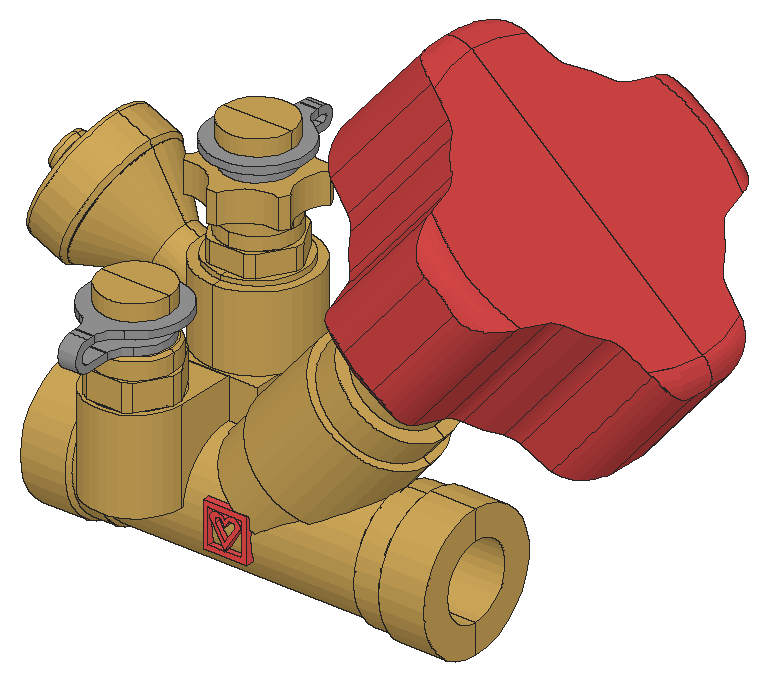
Revit family "HERZ Strömax Commissioning Valve With Integral Fixed orifice Plate 4017 ML", category Rohrzubehör, Revit 2020
Family settings
  Bemaßung runder Anschluss = Durchmesser verwenden
  Teiletyp = Unterbricht
  OmniClass-Nummer = 23.65.55.14
  OmniClass-Titel = Valves for Liquid Services
  Arbeitsebenenbasiert = Nein
  Immer vertikal = Ja
  Beim Laden mit Abzugskörper schneiden = Nein
  Gemeinsam genutzt = Nein
Parameters
  kvs-value [instance] = if(Nennweite = 15.000 mm, 2, if(Nennweite = 20.000 mm, 3.6, if(Nennweite = 25.000 mm, 6.5, if(Nennweite = 32.000 mm, 13.3, if(Nennweite = 40.000 mm, 18.5, if(Nennweite = 50.000 mm, 33, 0))))))  # 2
  kv-value of orifice [instance] = if(Nennweite = 15.000 mm, 1.95, if(Nennweite = 20.000 mm, 3.95, if(Nennweite = 25.000 mm, 7.9, if(Nennweite = 32.000 mm, 15.75, if(Nennweite = 40.000 mm, 21.5, if(Nennweite = 50.000 mm, 46.7, 0))))))  # 1.95
  W01 = 50.00°  # constant formula
  Vorgabe-Ansicht = 0.000 mm
  URL = "www.herzvalves.com"
  SW01 = 60.00°  # constant formula
  SCRNSEQ = "ARM;ARM_TYP=\"STRV\";2"
  SCRNCODE = "05;07;02"  # constant formula
  S03 = 60.000 mm  # constant formula
  S02 [instance] = L04 + L06 + L07  # 76.800 mm
  S01 [instance] = D01 * 2  # 27.000 mm
  R03 = 21.500 mm  # constant formula
  R02 = 9.500 mm  # constant formula
  R01 = 12.000 mm  # constant formula
  Part number [instance] = size_lookup("4017_ML_", "Artnr", 0, Nennweite)  # 1401731
  Model = "STRÖMAX 4017 ML, commissioning valve in Y pattern with an orifice plate and an connection for impulse line for differential pressure measurement, with test points:\r\nDZR brass, female threaded ends, non-rising stem sealed with Triple-O-Ring, presetting through stroke limiting, handwhell with presetting digital display."
  Medium = "Water purity in accordance with the OeNORM H5195 and VDI 2035 standards.\r\nEthylene and propylene glycol can be mixed to a ratio of 25 - 50 vol. %."
  Max. operating temperature = 130 °C  # constant formula
  Max. operating pressure = 2000000.0 Pa  # constant formula
  Max. differential pressure at closed valve = 1000000.0 Pa  # constant formula
  L10 [instance] = size_lookup("4017_ML_", "L10", 1.000 mm, Nennweite)  # 28.500 mm
  L09 [instance] = size_lookup("4017_ML_", "L9", 1.000 mm, Nennweite)  # 22.500 mm
  L08 [instance] = size_lookup("4017_ML_", "L8", 1.000 mm, Nennweite)  # 12.700 mm
  L07 [instance] = size_lookup("4017_ML_", "L7", 1.000 mm, Nennweite)  # 35.100 mm
  L06 [instance] = size_lookup("4017_ML_", "L6", 1.000 mm, Nennweite)  # 6.500 mm
  L05 [instance] = size_lookup("4017_ML_", "L5", 1.000 mm, Nennweite)  # 20.200 mm
  L04 [instance] = size_lookup("4017_ML_", "L4", 1.000 mm, Nennweite)  # 35.200 mm
  L03 [instance] = size_lookup("4017_ML_", "L3", 1.000 mm, Nennweite)  # 1.000 mm
  H03 [instance] = H01 - 19.000 mm  # 1.000 mm
  H02 = 13.000 mm  # constant formula
  Field of application = "Can be used as isolating and commissioning valve."
  E01 [instance] = L00 / -2  # -41.500 mm
  E00 = 0.000 mm  # constant formula
  D09 [instance] = size_lookup("4017_ML_", "D9", 1.000 mm, Nennweite)  # 11.750 mm
  D08 [instance] = size_lookup("4017_ML_", "D8", 1.000 mm, Nennweite)  # 9.500 mm
  D07 [instance] = size_lookup("4017_ML_", "D7", 1.000 mm, Nennweite)  # 12.000 mm
  D06 [instance] = size_lookup("4017_ML_", "D6", 1.000 mm, Nennweite)  # 13.500 mm
  D05 [instance] = size_lookup("4017_ML_", "D5", 1.000 mm, Nennweite)  # 12.500 mm
  D04 [instance] = Nennweite / 2  # 7.500 mm
  IG [instance] = Nennweite / 2  # 7.500 mm
  D03 [instance] = size_lookup("4017_ML_", "D3", 1.000 mm, Nennweite)  # 11.900 mm
  D02 [instance] = size_lookup("4017_ML_", "D2", 1.000 mm, Nennweite)  # 12.700 mm
  D01 [instance] = size_lookup("4017_ML_", "D1", 1.000 mm, Nennweite)  # 13.500 mm
  Nennweite [instance] = 15.000 mm
  L02 [instance] = size_lookup("4017_ML_", "L2", 1.000 mm, Nennweite)  # 5.000 mm
  L01 [instance] = size_lookup("4017_ML_", "L1", 1.000 mm, Nennweite)  # 9.250 mm
  L00 [instance] = size_lookup("4017_ML_", "L", 1.000 mm, Nennweite)  # 83.000 mm
  Hersteller = "HERZ Armaturen Ges.m.b.H."  # constant formula
  H01 [instance] = size_lookup("4017_ML_", "H1", 1.000 mm, Nennweite)  # 20.000 mm
  GT [instance] = size_lookup("4017_ML_", "GT", 1.000 mm, Nennweite)  # 13.200 mm
  DN50 [instance] = Nennweite = 50.000 mm  # no
  DN40 [instance] = Nennweite = 40.000 mm  # no
  DN32 [instance] = Nennweite = 32.000 mm  # no
  DN25 [instance] = Nennweite = 25.000 mm  # no
  DN20 [instance] = Nennweite = 20.000 mm  # no
  DN15 [instance] = Nennweite = 15.000 mm  # yes
  Body = "DZR brass"  # constant formula
Reference planes
  plane 1 "Mitte (Vorne/hinten)": y = 0
  plane 2: z = 0
  plane 3 "Mitte (Links/rechts)": x = 0
Forms (mm)
  Revolve 1, solid, material "Messing, weicher Gelbton, geschweißt", detail levels fine
    sketch origin (470, 0, 0) x (1, 0, 0) y (0, 0, 1)
      loop
        line (-511.5, 7.5) -> (-498.3, 7.5) -> (-498.3, 0) -> (-441.7, 0) -> (-441.7, 7.5) -> (-428.5, 7.5) -> (-428.5, 13.5) -> (-437.75, 13.5) -> (-438.421, 12.7) -> (-443.421, 12.7) -> (-444.093, 11.9) -> (-495.907, 11.9) -> (-496.579, 12.7) -> (-501.579, 12.7) -> (-502.25, 13.5) -> (-511.5, 13.5) -> (-511.5, 7.5)
      axis (-511.5, 0) -> (-428.5, 0)
    angle from 0 to 360
  Revolve 2, solid, material "Messing, weicher Gelbton, geschweißt", detail levels fine
    sketch origin (0.32, 0, -0.105) x (1, 0, 0) y (0, 0, 1)
      loop
        line (-1.32, 0.105) -> (48.046, 58.937) -> (39.045, 66.49) -> (30.882, 56.761) -> (32.605, 55.315) -> (18.207, 38.155) -> (16.292, 39.762) -> (12.114, 34.783) -> (10.964, 35.747) -> (-2.02, 20.273) -> (-1.254, 19.63) -> (-7.652, 12.005) -> (-7.065, 4.926) -> (-1.32, 0.105)
      axis (-1.32, 0.105) -> (48.046, 58.937)
    angle from 0 to 360
  Extrusion 3, solid, material "Messing, weicher Gelbton, geschweißt", detail levels fine
    sketch origin (0, 0, 0) x (1, 0, 0) y (0, 1, 0)
      loop
        arc (-28.5, -12) -> (-19, -21.5) -> (-9.5, -12) r 9.5
        line (-9.5, -12) -> (-9.5, 0) -> (-28.5, 0) -> (-28.5, -12)
    from 1 <- "H03" to 20 <- "H01"
  Extrusion 4, solid, material "Messing, weicher Gelbton, geschweißt", detail levels fine
    sketch origin (0, 0, 0) x (1, 0, 0) y (0, 1, 0)
      loop
        line (-22.5, 12) -> (-22.5, 0) -> (-3.5, 0) -> (-3.5, 12)
        arc (-3.5, 12) -> (-13, 21.5) -> (-22.5, 12) r 9.5
    from 0 to 20 <- "H01"
  Extrusion 5, void
    sketch origin (0, 0, 0) x (1, 0, 0) y (0, 0, 1)
      loop
        line (55, 0) -> (80, 0) -> (80, 73) -> (55, 73) -> (55, 0)
    from 55 to -55
Cuts and joins
  Extrusion 5 cuts Revolve 2
Lines and regions (mm)
  model lines, detail levels coarse+medium
    curve 1: line (-41.5, 0, 13.5) -> (-41.5, 0, -13.5)
    curve 2: line (-41.5, 0, -13.5) -> (41.5, 0, 13.5)
    curve 3: line (41.5, 0, 13.5) -> (41.5, 0, -13.5)
    curve 4: line (41.5, 0, -13.5) -> (-41.5, 0, 13.5)
    curve 5: line (0, 0, 0) -> (38.4, 0, 66.511)
    curve 6: line (12.419, 0, 81.511) -> (64.381, 0, 51.511)
    curve 7: line (-41.5, -13.5, 0) -> (-41.5, 13.5, 0)
    curve 8: line (-41.5, 13.5, 0) -> (41.5, -13.5, 0)
    curve 9: line (41.5, -13.5, 0) -> (41.5, 13.5, 0)
    curve 10: line (41.5, 13.5, 0) -> (-41.5, -13.5, 0)
    curve 11: line (0, 0, 0) -> (38.4, 66.511, 0)
    curve 12: line (12.419, 81.511, 0) -> (64.381, 51.511, 0)
Dimensions and locks
  "L00": Revolve 1 sketch curve to Revolve 1 sketch curve
  equal spacing: Revolve 1 sketch curve, plane 3 "Mitte (Links/rechts)", Revolve 1 sketch curve
  "D01": Revolve 1 sketch curve to Revolve 1 sketch curve  (x2)
  "GT": Revolve 1 sketch curve to Revolve 1 sketch curve  (x2)
  "D06": Revolve 2 sketch curve to Revolve 2 sketch curve
  "D07": Revolve 2 sketch curve to Revolve 2 sketch curve
  "D08": Revolve 2 sketch curve to Revolve 2 sketch curve
  "D09": Revolve 2 sketch curve to Revolve 2 sketch curve
  equal spacing: curve 1, plane 3 "Mitte (Links/rechts)", curve 3
  "L00": curve 1 to curve 3
  equal spacing: curve 4, plane 2, curve 2
  "S01": curve 4 to curve 1
  "S01": curve 3 to curve 4
  equal spacing: curve 3, plane 2, curve 4
  "S02": curve 5 to curve 5
  equal spacing: curve 6, curve 5, curve 6
  "S03": curve 6 to curve 6
  equal spacing: curve 7, plane 3 "Mitte (Links/rechts)", curve 9
  "L00": curve 7 to curve 9
  equal spacing: curve 10, plane 1 "Mitte (Vorne/hinten)", curve 8
  "S01": curve 8 to curve 10
  equal spacing: curve 9, plane 1 "Mitte (Vorne/hinten)", curve 10
  "S01": curve 10 to curve 9
  "S02": curve 11 to curve 11
  equal spacing: curve 12, curve 11, curve 12
  "S03": curve 12 to curve 12
  "L01": Revolve 1 sketch curve to Revolve 1 sketch curve  (x2)
  "D02": Revolve 1 sketch curve to plane 2  (x2)
  "D03": Revolve 1 sketch curve to plane 2
  "IG": Revolve 1 sketch curve to plane 2  (x2)
  "L02": Revolve 1 sketch curve to Revolve 1 sketch curve  (x2)
  "L04": Revolve 2 sketch curve to Revolve 2 sketch curve
  "L05": Revolve 2 sketch curve to Revolve 2 sketch curve
  "D03": Revolve 2 sketch curve to plane 2
  "L06": Revolve 2 sketch curve to Revolve 2 sketch curve
  "L08": Revolve 2 sketch curve to Revolve 2 sketch curve
  "L07": Revolve 2 sketch curve to Revolve 2 sketch curve
  "D04": Revolve 2 sketch curve to Revolve 2 sketch curve
  "D05": Revolve 2 sketch curve to Revolve 2 sketch curve
  "L03": plane 3 "Mitte (Links/rechts)" to Revolve 2 sketch curve  (x2)
  "D03": nested 1 to plane 1 "Mitte (Vorne/hinten)"
  "L09": Revolve 1 to Extrusion 3 sketch curve
  "R01": Extrusion 3 sketch curve to plane 1 "Mitte (Vorne/hinten)"
  "R01": plane 1 "Mitte (Vorne/hinten)" to Extrusion 4 sketch curve
  "L10": Revolve 1 to Extrusion 4 sketch curve
  "H01": nested 2 to plane 2
  "R01": nested 2 to plane 1 "Mitte (Vorne/hinten)"
  "L09": Revolve 1 to nested 2
  Extrusion 5 sketch curve to plane 3 "Mitte (Links/rechts)" = 55.000 mm
  Extrusion 5 sketch curve to Extrusion 5 sketch curve = 25.000 mm
  Extrusion 5 sketch curve to plane 2 = 73.000 mm
  "L10": Revolve 1 to nested 9
  "R01": plane 1 "Mitte (Vorne/hinten)" to nested 9
  "H01": nested 9 to plane 2
  "R02": radius of Extrusion 3 sketch curve
  "R02": radius of Extrusion 4 sketch curve
  "W01": angle level to Revolve 2 sketch curve
  "SW01": angle plane 2 to curve 5
  "SW01": angle plane 1 "Mitte (Vorne/hinten)" to curve 11
  "W01": angle Revolve 1 sketch curve to Revolve 1 sketch curve  (x4)
  "W01": angle plane 2 to Revolve 2 sketch curve
  aligned and locked: level to plane 2
Automatic sketch dimensions
  Extrusion 5 sketch curve to level = 0.000 mm
  curve 5 to level = 0.000 mm
  plane 1 "Mitte (Vorne/hinten)" to curve 11 = 0.000 mm
  Revolve 1 sketch curve to level = 0.000 mm  (x2)
  Revolve 1 sketch curve to Revolve 1 sketch curve = 791.990 mm
  Revolve 1 sketch curve to Revolve 1 sketch curve = 2278.983 mm
  Revolve 2 sketch curve to level = 0.000 mm  (x2)
  plane 1 "Mitte (Vorne/hinten)" to Extrusion 3 sketch curve = 0.000 mm
  plane 1 "Mitte (Vorne/hinten)" to Extrusion 4 sketch curve = 0.000 mm
Nested families
  nested 1: "Herz-Logo-vorne" at (0, -11.9, 0) x (0, 1, 0) z (0, 0, 1), type "Herz-Logo-vorne", detail levels fine
  nested 2: "Messstutzen_Band_Eintritt_senkrecht_(oben)" at (-19, -12, 2.5) x (-1, 0, 0) z (0, 0, 1), type "Messstutzen_Band_Eintritt_senkrecht_(oben)", detail levels fine
    with Schutzkappe yes, Nennweite 0.000 mm, Gewicht 0.00 kg, Bestellnummer 0
  nested 3: "Strangregulierventil-Handrad (Rot) DN15-DN32" at (48.366, 0, 58.832), visible <- "DN15", type "Strangregulierventil-Handrad (Rot) DN15-DN32"
    with Nennweite 0.000 mm, Gewicht 0.00 kg, Bestellnummer 0
  nested 4: "Strangregulierventil-Handrad (Rot) DN15-DN32" at (50.13, 0, 62.126), visible <- "DN20", type "Strangregulierventil-Handrad (Rot) DN15-DN32"
    with Nennweite 0.000 mm, Gewicht 0.00 kg, Bestellnummer 0
  nested 5: "Strangregulierventil-Handrad (Rot) DN15-DN32" at (55.886, 0, 73.157), visible <- "DN25", type "Strangregulierventil-Handrad (Rot) DN15-DN32"
    with Nennweite 0.000 mm, Gewicht 0.00 kg, Bestellnummer 0
  nested 6: "Strangregulierventil-Handrad (Rot) DN15-DN32" at (60.493, 0, 82.58), visible <- "DN32", type "Strangregulierventil-Handrad (Rot) DN15-DN32"
    with Nennweite 0.000 mm, Gewicht 0.00 kg, Bestellnummer 0
  nested 7: "Strangregulierventil-Handrad (Rot) DN40-DN50" at (68.72, 0, 95.602), visible <- "DN40", type "Strangregulierventil-Handrad (Rot) DN40-DN50"
    with Nennweite 0.000 mm, Gewicht 0.00 kg, Bestellnummer 0
  nested 8: "Strangregulierventil-Handrad (Rot) DN40-DN50" at (66.762, 0, 99.586), visible <- "DN50", type "Strangregulierventil-Handrad (Rot) DN40-DN50"
    with Nennweite 0.000 mm, Gewicht 0.00 kg, Bestellnummer 0
  nested 9: "Messstutzen_Band-KFE_Austritt_senkrecht_(oben)" at (-13, 12, 24.41), type "Messstutzen_Band-KFE_Austritt_senkrecht_(oben)", detail levels fine
    with Schutzkappe yes, Nennweite 0.000 mm, Gewicht 0.00 kg, Bestellnummer 0
Connectors
  piping at (-28.3, 0, 0), diameter 15, driven by "Nennweite"
    settings: on Revolve 1, index 1, connector inside diameter 609.6 mm, connector length 0.000 mm, flow factor 0, pipe flow 0.0 L/s, pressure drop 0.0 Pa, fitting loss kfactor 0, connector angle 0.00°, fixture units 0, engagement length 0.000 mm, angle of deflection 0.00°, flow configuration 0, flow direction 1, fitting loss method 0, system type 29, joint type 0, gender type 0, connector reference index -1, connector utility 0, adjustable connector no, is connector primary yes, connector description ""
  piping at (28.3, 0, 0), diameter 15, driven by "Nennweite"
    settings: on Revolve 1, index 2, connector inside diameter 609.6 mm, connector length 0.000 mm, flow factor 0, pipe flow 0.0 L/s, pressure drop 0.0 Pa, fitting loss kfactor 0, connector angle 0.00°, fixture units 0, engagement length 0.000 mm, angle of deflection 0.00°, flow configuration 0, flow direction 2, fitting loss method 0, system type 29, joint type 0, gender type 0, connector reference index -1, connector utility 0, adjustable connector no, is connector primary no, connector description ""
Definition of nested family "Herz-Logo-vorne"
  Parameters (values of type "Herz-Logo-vorne")
    Default Elevation = 0.000 mm
  Reference planes
    plane 1 "Mitte (Vorne/hinten)": y = 0
    plane 2: z = 0
    plane 3 "Mitte (Links/rechts)": x = 0
  Forms (mm)
    Extrusion 1, solid
      sketch origin (0.732, -0.018, 0.017) x (0, -1, 0) y (0, 0, 1)
        loop
          line (-0.018, -4.517) -> (4.482, -4.517) -> (4.482, 4.483) -> (-4.518, 4.483) -> (-4.518, -4.517) -> (-0.018, -4.517)
        loop
          line (-0.05, -3.48) -> (3.482, -3.48) -> (3.482, 3.483) -> (-3.518, 3.483) -> (-3.518, -3.48) -> (-0.05, -3.48)
        loop
          arc (-0.018, 2.383) -> (-1.543, 3.287) -> (-3.067, 2.383) r 1.738
          arc (-3.067, 2.383) -> (-3.191, 1.899) -> (-3.067, 1.415) r 1.009
          line (-3.067, 1.415) -> (-0.018, -3.281) -> (3.032, 1.415)
          arc (3.032, 1.415) -> (3.156, 1.899) -> (3.032, 2.383) r 1.009
          arc (3.032, 2.383) -> (1.507, 3.287) -> (-0.018, 2.383) r 1.738
        loop
          arc (1.885, 1.272) -> (2.005, 1.675) -> (1.885, 2.079) r 0.74
          arc (1.885, 2.079) -> (1.265, 2.416) -> (0.644, 2.079) r 0.74
          line (0.644, 2.079) -> (-0.018, 0.97) -> (-0.679, 2.079)
          arc (-0.679, 2.079) -> (-1.3, 2.416) -> (-1.921, 2.079) r 0.74
          arc (-1.921, 2.079) -> (-2.04, 1.675) -> (-1.921, 1.272) r 0.74
          line (-1.921, 1.272) -> (-0.018, -1.658) -> (1.885, 1.272)
      from 0 to 1.5
  Dimensions and locks
    aligned and locked: level to plane 2
Definition of nested family "Messstutzen_Band_Eintritt_senkrecht_(oben)"
  Parameters (values of type "Messstutzen_Band_Eintritt_senkrecht_(oben)")
    Default Elevation = 0.000 mm
    URL = "www.herz-armaturen.at"
    Schutzkappe [instance] = yes
    Nennweite [instance] = 0.000 mm
    Manufacturer = "Herz Armaturen GmbH"  # constant formula
    Gewicht [instance] = 0.00 kg
    Bestellnummer [instance] = 0
  Reference planes
    plane 1 "Mitte (Vorne/hinten)": y = 0
    plane 2: z = 0
    plane 3 "Mitte (Links/rechts)": x = 0
    plane 4 "Schlaufe 1": z = -27
    plane 5 "Schlaufe 2": z = -31.678
  Forms (mm)
    Revolve 1, solid, detail levels fine
      sketch origin (0, 0, 0) x (1, 0, 0) y (0, 0, 1)
        loop
          line (-7.4, 9) -> (-5.55, 9) -> (-5.55, 6)
          arc (-5.55, 6) -> (-5.626, 5.617) -> (-5.843, 5.293) r 1
          line (-5.843, 5.293) -> (-6.455, 4.681) -> (-6.455, 0.9) -> (-5.555, 0) -> (-2, 0) -> (-2, 17.5) -> (-8.4, 17.5)
          arc (-8.4, 17.5) -> (-7.693, 17.207) -> (-7.4, 16.5) r 1
          line (-7.4, 16.5) -> (-7.4, 9)
        loop
          line (-3.7, 27) -> (-7.3, 27) -> (-7.9, 26.4) -> (-7.9, 23) -> (-2, 23) -> (-2, 35.8) -> (-3.805, 35.8) -> (-4.415, 35.19) -> (-4.415, 30.863) -> (-3.7, 30.45) -> (-3.7, 27)
        axis (0, 0) -> (0, 35.8)
      angle from 0 to 360
    Extrusion 2, solid, detail levels fine
      sketch origin (0, 0, 17.5) x (0, 1, 0) y (-1, 0, 0)
        loop
          arc (-7.07, 5.156) -> (-7.578, 4.375) -> (-8, 3.544) r 8.75
          line (-8, 3.544) -> (-8, -3.544)
          arc (-8, -3.544) -> (-7.578, -4.375) -> (-7.07, -5.156) r 8.75
          line (-7.07, -5.156) -> (-0.93, -8.7)
          arc (-0.93, -8.7) -> (0, -8.75) -> (0.93, -8.7) r 8.75
          line (0.93, -8.7) -> (7.07, -5.156)
          arc (7.07, -5.156) -> (7.578, -4.375) -> (8, -3.544) r 8.75
          line (8, -3.544) -> (8, 3.544)
          arc (8, 3.544) -> (7.578, 4.375) -> (7.07, 5.156) r 8.75
          line (7.07, 5.156) -> (0.93, 8.7)
          arc (0.93, 8.7) -> (0, 8.75) -> (-0.93, 8.7) r 8.75
          line (-0.93, 8.7) -> (-7.07, 5.156)
      from 0 to 5.5
    Revolve 3, solid, visible <- "Schutzkappe", detail levels fine
      sketch origin (0, 0, 0) x (1, 0, 0) y (0, 0, 1)
        loop
          line (0, 35.878) -> (0, 36.678) -> (-7, 36.678) -> (-7, 33.378) -> (-6.1, 33.378) -> (-6.1, 31.678) -> (-6.9, 31.678) -> (-6.9, 30.178) -> (-4.415, 30.178) -> (-4.415, 35.268) -> (-3.805, 35.878) -> (0, 35.878)
        axis (0, 30.178) -> (0, 36.678)
      angle from 0 to 360
    Extrusion 4, solid, detail levels fine
      sketch origin (0, 0, 28.5) x (1, 0, 0) y (0, 1, 0)
        loop
          circle (0, 0) r 3.7
        loop
          arc (-3.906, 5.505) -> (0, -6.75) -> (3.906, 5.505) r 6.75
          arc (3.906, 5.505) -> (2.358, 7.288) -> (1.8, 9.582) r 5
          line (1.8, 9.582) -> (-1.8, 9.582)
          arc (-1.8, 9.582) -> (-2.358, 7.288) -> (-3.906, 5.505) r 5
      from 0 to -1.5
    Extrusion 5, solid, detail levels fine
      sketch origin (0, 0, 33.178) x (1, 0, 0) y (0, 1, 0)
        loop
          circle (0, 0) r 6.1
        loop
          arc (-4.495, 8.652) -> (0, -9.75) -> (4.495, 8.652) r 9.75
          arc (4.495, 8.652) -> (2.527, 10.493) -> (1.8, 13.089) r 5
          line (1.8, 13.089) -> (-1.8, 13.089)
          arc (-1.8, 13.089) -> (-2.527, 10.493) -> (-4.495, 8.652) r 5
      from 0 to -1.5
    Sweep 6, solid, detail levels fine
      path origin (0, 0, 0) x (0, 0, -1) y (0, -1, 0)
        loop
          line (-27.75, -9.582) -> (-27.75, -14.522)
          arc (-27.75, -14.522) -> (-30.089, -16.862) -> (-32.428, -14.522) r 2.339
          line (-32.428, -14.522) -> (-32.428, -13.089)
      profile origin (0, 12.052, 27.75) x (0, 0, 1) y (1, 0, 0)
        loop
          line (-0.75, -1.8) -> (0.75, -1.8) -> (0.75, 1.8) -> (-0.75, 1.8) -> (-0.75, -1.8)
  Dimensions and locks
    aligned and locked: level to plane 2
Definition of nested family "Strangregulierventil-Handrad (Rot) DN15-DN32"
  Parameters (values of type "Strangregulierventil-Handrad (Rot) DN15-DN32")
    Default Elevation = 0.000 mm
    URL = "www.herz-armaturen.at"
    Nennweite [instance] = 0.000 mm
    Manufacturer = "Herz Armaturen GmbH"  # constant formula
    Gewicht [instance] = 0.00 kg
    Bestellnummer [instance] = 0
  Reference planes
    plane 1 "Mitte (Vorne/hinten)": y = 0
    plane 2: z = 0
    plane 3 "Mitte (Links/rechts)": x = 0
  Forms (mm)
    Revolve 1, solid, detail levels fine
      sketch origin (0, 0, 0) x (0.766044, 0, -0.642788) y (0.642788, 0, 0.766044)
        loop
          line (0, 0) -> (0, 24.95) -> (-30.992, 24.95)
          arc (-30.992, 24.95) -> (-34.37, 23.636) -> (-35.973, 20.386) r 5
          line (-35.973, 20.386) -> (-37, 8.65) -> (-35.986, -2.936)
          arc (-35.986, -2.936) -> (-34.383, -6.186) -> (-31.005, -7.5) r 5
          line (-31.005, -7.5) -> (-15, -7.5) -> (-15, 0) -> (0, 0)
        axis (0, 24.95) -> (0, -7.5)
      angle from 0 to 360
    Extrusion 2, void
      sketch origin (13.049, 0, 15.551) x (0.766044, 0, -0.642788) y (0, 1, 0)
        loop
          line (3.861, 35.5) -> (-3.861, 35.5)
          arc (-3.861, 35.5) -> (-8.731, 33.847) -> (-11.589, 29.571) r 8
          line (-11.589, 29.571) -> (-13.284, 23.245)
          arc (-13.284, 23.245) -> (-13.982, 21.722) -> (-15.144, 20.516) r 5
          arc (-15.144, 20.516) -> (-18.031, 18.031) -> (-20.516, 15.144) r 25.5
          arc (-20.516, 15.144) -> (-21.722, 13.982) -> (-23.245, 13.284) r 5
          line (-23.245, 13.284) -> (-29.571, 11.589)
          arc (-29.571, 11.589) -> (-33.847, 8.731) -> (-35.5, 3.861) r 8
          line (-35.5, 3.861) -> (-35.5, -3.861)
          arc (-35.5, -3.861) -> (-33.847, -8.731) -> (-29.571, -11.589) r 8
          line (-29.571, -11.589) -> (-23.245, -13.284)
          arc (-23.245, -13.284) -> (-21.722, -13.982) -> (-20.516, -15.144) r 5
          arc (-20.516, -15.144) -> (-18.031, -18.031) -> (-15.144, -20.516) r 25.5
          arc (-15.144, -20.516) -> (-13.982, -21.722) -> (-13.284, -23.245) r 5
          line (-13.284, -23.245) -> (-11.589, -29.571)
          arc (-11.589, -29.571) -> (-8.731, -33.847) -> (-3.861, -35.5) r 8
          line (-3.861, -35.5) -> (3.861, -35.5)
          arc (3.861, -35.5) -> (8.731, -33.847) -> (11.589, -29.571) r 8
          line (11.589, -29.571) -> (13.284, -23.245)
          arc (13.284, -23.245) -> (13.982, -21.722) -> (15.144, -20.516) r 5
          arc (15.144, -20.516) -> (18.031, -18.031) -> (20.516, -15.144) r 25.5
          arc (20.516, -15.144) -> (21.722, -13.982) -> (23.245, -13.284) r 5
          line (23.245, -13.284) -> (29.571, -11.589)
          arc (29.571, -11.589) -> (33.847, -8.731) -> (35.5, -3.861) r 8
          line (35.5, -3.861) -> (35.5, 3.861)
          arc (35.5, 3.861) -> (33.847, 8.731) -> (29.571, 11.589) r 8
          line (29.571, 11.589) -> (23.245, 13.284)
          arc (23.245, 13.284) -> (21.722, 13.982) -> (20.516, 15.144) r 5
          arc (20.516, 15.144) -> (18.031, 18.031) -> (15.144, 20.516) r 25.5
          arc (15.144, 20.516) -> (13.982, 21.722) -> (13.284, 23.245) r 5
          line (13.284, 23.245) -> (11.589, 29.571)
          arc (11.589, 29.571) -> (8.731, 33.847) -> (3.861, 35.5) r 8
        loop
          circle (0, 0) r 38
      from -31.266 to 7.923
  Cuts and joins
    Extrusion 2 cuts Revolve 1
  Dimensions and locks
    Revolve 1 sketch curve to Revolve 1 sketch curve = 15.000 mm
    Revolve 1 sketch curve to Revolve 1 sketch curve = 16.150 mm
    Revolve 1 sketch curve to Revolve 1 sketch curve = 16.300 mm
    angle Revolve 1 sketch curve to Revolve 1 sketch curve = 95.00°
    aligned and locked: level to plane 2
Definition of nested family "Strangregulierventil-Handrad (Rot) DN40-DN50"
  Parameters (values of type "Strangregulierventil-Handrad (Rot) DN40-DN50")
    Default Elevation = 0.000 mm
    URL = "www.herz-armaturen.at"
    Nennweite [instance] = 0.000 mm
    Manufacturer = "Herz Armaturen GmbH"  # constant formula
    Gewicht [instance] = 0.00 kg
    Bestellnummer [instance] = 0
  Reference planes
    plane 1 "Mitte (Vorne/hinten)": y = 0
    plane 2: z = 0
    plane 3 "Mitte (Links/rechts)": x = 0
  Forms (mm)
    Revolve 1, solid, detail levels fine
      sketch origin (0, 0, 0) x (0.766044, 0, -0.642788) y (0.642788, 0, 0.766044)
        loop
          line (0, 0) -> (0, 24.95) -> (-50.992, 24.95)
          arc (-50.992, 24.95) -> (-54.37, 23.636) -> (-55.973, 20.386) r 5
          line (-55.973, 20.386) -> (-57, 8.65) -> (-55.986, -2.936)
          arc (-55.986, -2.936) -> (-54.383, -6.186) -> (-51.005, -7.5) r 5
          line (-51.005, -7.5) -> (-15, -7.5) -> (-15, 0) -> (0, 0)
        axis (0, 24.95) -> (0, -7.5)
      angle from 0 to 360
    Extrusion 2, void
      sketch origin (13.049, 0, 15.551) x (0.766044, 0, -0.642788) y (0, 1, 0)
        loop
          line (-55, 6.292) -> (-55, -6.292)
          arc (-55, -6.292) -> (-52.52, -13.597) -> (-46.106, -17.883) r 12
          line (-46.106, -17.883) -> (-35.399, -20.752)
          arc (-35.399, -20.752) -> (-33.541, -21.612) -> (-32.08, -23.047) r 6
          arc (-32.08, -23.047) -> (-27.931, -27.931) -> (-23.047, -32.08) r 39.5
          arc (-23.047, -32.08) -> (-21.612, -33.541) -> (-20.752, -35.399) r 6
          line (-20.752, -35.399) -> (-17.883, -46.106)
          arc (-17.883, -46.106) -> (-13.597, -52.52) -> (-6.292, -55) r 12
          line (-6.292, -55) -> (6.292, -55)
          arc (6.292, -55) -> (13.597, -52.52) -> (17.883, -46.106) r 12
          line (17.883, -46.106) -> (20.752, -35.399)
          arc (20.752, -35.399) -> (21.612, -33.541) -> (23.047, -32.08) r 6
          arc (23.047, -32.08) -> (27.931, -27.931) -> (32.08, -23.047) r 39.5
          arc (32.08, -23.047) -> (33.541, -21.612) -> (35.399, -20.752) r 6
          line (35.399, -20.752) -> (46.106, -17.883)
          arc (46.106, -17.883) -> (52.52, -13.597) -> (55, -6.292) r 12
          line (55, -6.292) -> (55, 6.292)
          arc (55, 6.292) -> (52.52, 13.597) -> (46.106, 17.883) r 12
          line (46.106, 17.883) -> (35.399, 20.752)
          arc (35.399, 20.752) -> (33.541, 21.612) -> (32.08, 23.047) r 6
          arc (32.08, 23.047) -> (27.931, 27.931) -> (23.047, 32.08) r 39.5
          arc (23.047, 32.08) -> (21.612, 33.541) -> (20.752, 35.399) r 6
          line (20.752, 35.399) -> (17.883, 46.106)
          arc (17.883, 46.106) -> (13.597, 52.52) -> (6.292, 55) r 12
          line (6.292, 55) -> (-6.292, 55)
          arc (-6.292, 55) -> (-13.597, 52.52) -> (-17.883, 46.106) r 12
          line (-17.883, 46.106) -> (-20.752, 35.399)
          arc (-20.752, 35.399) -> (-21.612, 33.541) -> (-23.047, 32.08) r 6
          arc (-23.047, 32.08) -> (-27.931, 27.931) -> (-32.08, 23.047) r 39.5
          arc (-32.08, 23.047) -> (-33.541, 21.612) -> (-35.399, 20.752) r 6
          line (-35.399, 20.752) -> (-46.106, 17.883)
          arc (-46.106, 17.883) -> (-52.52, 13.597) -> (-55, 6.292) r 12
        loop
          circle (0, 0) r 60
      from -31.161 to 7.489
  Cuts and joins
    Extrusion 2 cuts Revolve 1
  Dimensions and locks
    Revolve 1 sketch curve to Revolve 1 sketch curve = 15.000 mm
    Revolve 1 sketch curve to Revolve 1 sketch curve = 16.150 mm
    Revolve 1 sketch curve to Revolve 1 sketch curve = 16.300 mm
    Revolve 1 sketch curve to Revolve 1 sketch curve = 57.000 mm
    angle Revolve 1 sketch curve to Revolve 1 sketch curve = 95.00°
    aligned and locked: level to plane 2
Definition of nested family "Messstutzen_Band-KFE_Austritt_senkrecht_(oben)"
  Parameters (values of type "Messstutzen_Band-KFE_Austritt_senkrecht_(oben)")
    Default Elevation = 0.000 mm
    URL = "www.herz-armaturen.at"
    Schutzkappe [instance] = yes
    Nennweite [instance] = 0.000 mm
    Manufacturer = "Herz Armaturen GmbH"  # constant formula
    Gewicht [instance] = 0.00 kg
    Bestellnummer [instance] = 0
  Reference planes
    plane 1 "Mitte (Vorne/hinten)": y = 0
    plane 2: z = 0
    plane 3 "Mitte (Links/rechts)": x = 0
  Forms (mm)
    Revolve 1, solid, detail levels fine
      sketch origin (0, 0, 0) x (1, 0, 0) y (0, 0, 1)
        loop
          line (-7.4, 9) -> (-5.55, 9) -> (-5.55, 6)
          arc (-5.55, 6) -> (-5.626, 5.617) -> (-5.843, 5.293) r 1
          line (-5.843, 5.293) -> (-6.455, 4.681) -> (-6.455, 0.9) -> (-5.555, 0) -> (-2, 0) -> (-2, 23) -> (-2, 35.8) -> (-3.805, 35.8) -> (-4.415, 35.19) -> (-4.415, 30.863) -> (-3.7, 30.45) -> (-3.7, 27) -> (-7.4, 27) -> (-7.4, 9)
        axis (0, 0) -> (0, 35.8)
      angle from 0 to 360
    Extrusion 2, solid, detail levels fine
      sketch origin (0, 0, 17.5) x (0, 1, 0) y (-1, 0, 0)
        loop
          arc (-7.07, 5.156) -> (-7.578, 4.375) -> (-8, 3.544) r 8.75
          line (-8, 3.544) -> (-8, -3.544)
          arc (-8, -3.544) -> (-7.578, -4.375) -> (-7.07, -5.156) r 8.75
          line (-7.07, -5.156) -> (-0.93, -8.7)
          arc (-0.93, -8.7) -> (0, -8.75) -> (0.93, -8.7) r 8.75
          line (0.93, -8.7) -> (7.07, -5.156)
          arc (7.07, -5.156) -> (7.578, -4.375) -> (8, -3.544) r 8.75
          line (8, -3.544) -> (8, 3.544)
          arc (8, 3.544) -> (7.578, 4.375) -> (7.07, 5.156) r 8.75
          line (7.07, 5.156) -> (0.93, 8.7)
          arc (0.93, 8.7) -> (0, 8.75) -> (-0.93, 8.7) r 8.75
          line (-0.93, 8.7) -> (-7.07, 5.156)
      from -5.51 to -1.21
    Revolve 3, solid, visible <- "Schutzkappe", detail levels fine
      sketch origin (0, 0, 0) x (1, 0, 0) y (0, 0, 1)
        loop
          line (0, 35.878) -> (0, 36.678) -> (-7, 36.678) -> (-7, 33.378) -> (-6.1, 33.378) -> (-6.1, 31.678) -> (-6.9, 31.678) -> (-6.9, 30.178) -> (-4.415, 30.178) -> (-4.415, 35.268) -> (-3.805, 35.878) -> (0, 35.878)
        axis (0, 30.178) -> (0, 36.678)
      angle from 0 to 360
    Extrusion 4, solid, detail levels fine
      sketch origin (0, 0, 30) x (1, 0, 0) y (0, 1, 0)
        loop
          circle (0, 0) r 3.7
        loop
          arc (-3.906, 5.505) -> (0, -6.75) -> (3.906, 5.505) r 6.75
          arc (3.906, 5.505) -> (2.358, 7.288) -> (1.8, 9.582) r 5
          line (1.8, 9.582) -> (-1.8, 9.582)
          arc (-1.8, 9.582) -> (-2.358, 7.288) -> (-3.906, 5.505) r 5
      from 0 to -1.5
    Extrusion 5, solid, detail levels fine
      sketch origin (0, 0, 33.178) x (1, 0, 0) y (0, 1, 0)
        loop
          circle (0, 0) r 6.1
        loop
          arc (-4.495, 8.652) -> (0, -9.75) -> (4.495, 8.652) r 9.75
          arc (4.495, 8.652) -> (2.527, 10.493) -> (1.8, 13.089) r 5
          line (1.8, 13.089) -> (-1.8, 13.089)
          arc (-1.8, 13.089) -> (-2.527, 10.493) -> (-4.495, 8.652) r 5
      from 0 to -1.5
    Sweep 6, solid, detail levels fine
      path origin (0, 0, 0) x (0, 0, -1) y (0, -1, 0)
        loop
          line (-29.25, -9.582) -> (-29.25, -14.522)
          arc (-29.25, -14.522) -> (-30.839, -16.112) -> (-32.428, -14.522) r 1.589
          line (-32.428, -14.522) -> (-32.428, -13.089)
      profile origin (0, 12.052, 29.25) x (0, 0, 1) y (1, 0, 0)
        loop
          line (-0.75, -1.8) -> (0.75, -1.8) -> (0.75, 1.8) -> (-0.75, 1.8) -> (-0.75, -1.8)
    Extrusion 7, solid, detail levels fine
      sketch origin (-101.196, 0, 0) x (1, 0, 0) y (0, 1, 0)
        loop
          arc (112.053, 5.113) -> (111.589, 6) -> (111.053, 6.845) r 12
          arc (111.053, 6.845) -> (105.696, 7.794) -> (102.196, 11.958) r 7.971
          arc (102.196, 11.958) -> (101.196, 12) -> (100.196, 11.958) r 12
          arc (100.196, 11.958) -> (96.696, 7.794) -> (91.34, 6.845) r 7.971
          arc (91.34, 6.845) -> (90.804, 6) -> (90.34, 5.113) r 12
          arc (90.34, 5.113) -> (92.196, 0) -> (90.34, -5.113) r 7.971
          arc (90.34, -5.113) -> (90.804, -6) -> (91.34, -6.845) r 12
          arc (91.34, -6.845) -> (96.696, -7.794) -> (100.196, -11.958) r 7.971
          arc (100.196, -11.958) -> (101.196, -12) -> (102.196, -11.958) r 12
          arc (102.196, -11.958) -> (105.696, -7.794) -> (111.053, -6.845) r 7.971
          arc (111.053, -6.845) -> (111.589, -6) -> (112.053, -5.113) r 12
          arc (112.053, -5.113) -> (110.196, 0) -> (112.053, 5.113) r 7.971
      from 22.3 to 28.5
    Revolve 8, solid, detail levels fine
      sketch origin (0, 43.374, -20) x (0, 1, 0) y (0, 0, 1)
        loop
          line (-43.374, 0) -> (-37.874, 0) -> (-36.774, 1.1) -> (-36.774, 4.9) -> (-37.874, 6) -> (-37.874, 8.4) -> (-36.424, 8.4) -> (-36.424, 9.2) -> (-34.424, 9.2) -> (-34.424, 15.59) -> (-31.874, 15.59) -> (-31.874, 30.99) -> (-33.874, 30.99) -> (-33.874, 31.99) -> (-43.374, 31.99) -> (-43.374, 0)
        loop
          line (-43.374, 39) -> (-43.374, 36.29) -> (-35.874, 36.29) -> (-35.874, 39) -> (-43.374, 39)
        axis (-43.374, 39) -> (-43.374, 0)
      angle from 0 to 360
    Revolve 9, solid, detail levels fine
      sketch origin (0, 0, 0) x (-1, 0, 0) y (0, 0, 1)
        loop
          line (0, -1.01) -> (32.627, 14.204) -> (27.556, 25.08) -> (25.934, 25.67) -> (21.602, 23.65) -> (14.873, 11.994) -> (-2.324, 3.975) -> (0, -1.01)
        axis (32.627, 14.204) -> (0, -1.01)
      angle from 0 to 360
    Revolve 10, solid, detail levels fine
      sketch origin (-51.188, 0, -39.797) x (-0.422618, 0, -0.906308) y (-0.906308, 0, 0.422618)
        loop
          line (-56.786, 8) -> (-45.747, 8) -> (-45.747, 0) -> (-43.834, 0) -> (-42.786, 1.048) -> (-42.786, 8.048)
          arc (-42.786, 8.048) -> (-43.065, 8.721) -> (-43.738, 9) r 0.952
          line (-43.738, 9) -> (-52.974, 9)
          arc (-52.974, 9) -> (-53.548, 9.238) -> (-53.786, 9.812) r 0.812
          line (-53.786, 9.812) -> (-53.786, 12) -> (-52.786, 12) -> (-52.786, 13.03)
          arc (-52.786, 13.03) -> (-53.07, 13.716) -> (-53.756, 14) r 0.97
          line (-53.756, 14) -> (-56.786, 14) -> (-56.786, 8)
        axis (-56.786, 14) -> (-56.786, 0)
      angle from 0 to 360
  Dimensions and locks
    aligned and locked: level to plane 2
